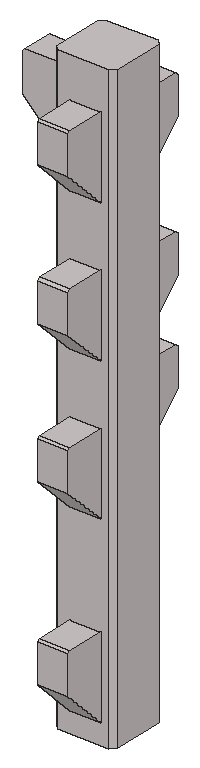
Revit family "M_Pré-moldado-Coluna retangular com mísulas de múltipla camada", category Pilares estruturais, Revit 2019
Family settings
  Exibir em vistas ocultas = Arestas ocultadas por outros membros
  Forma do corte = Não definido
  Material para o comportamento do modelo = Concreto pré-moldado
  Exportar sempre como geometria = Não
  Redução da viga na planta = Da caixa de vinculação
  Número OmniClass = 23.25.30.11.14.11
  Título OmniClass = Columns
  ID de item do Seek = Precast-Rectangular Column with Multi Layer Corbels-0000-CAN-ENU
  Corte com vazios quando carregada = Não
  Representação simbólica = Da família
  Compartilhado = Não
  Exibir o pré-corte da família na vista da planta = Não
Parameters (values of type "300x300-4 níveis")
  Números de mísulas a oeste 1 = if(Números de mísulas a oeste > 4, 4, Números de mísulas a oeste)  # 1
  Peso da vara de tirante [instance] = 30
  Vara de tirante W [instance] = (Peso da vara de tirante) * 9.80 kN / 1000  # 0.294 kN
  Structural Material [instance] = Concreto - Moldado in loco - 35 MPa
  Número da mísula ao sul 1 = if(Número da mísula ao sul > 4, 4, Número da mísula ao sul)  # 4
  Número da mísula ao sul = 4
  Tipo da mísula ao sul = Mísula inclinada : Mísula inclinada
  Peso do vergalhão simples [instance] = 50
  Vergalhão em W simples [instance] = (Peso do vergalhão simples * 9.80 kN) / 1000  # 0.49 kN
  Peso das grades de vergalhão [instance] = 100
  Grades de vergalhão W [instance] = (Peso das grades de vergalhão * 9.80 kN) / 1000  # 0.98 kN
  Número de mísulas ao norte 1 = if(Número de mísulas ao norte > 4, 4, Número de mísulas ao norte)  # 3
  Número de mísulas ao norte = 3
  Tipo da mísula ao norte = Mísula inclinada : Mísula inclinada
  Número de mísulas a leste 1 = if(Número de mísulas a leste > 4, 4, Número de mísulas a leste)  # 0
  Número de mísulas a leste = 0
  Tipo de mísula a leste = Mísula inclinada : Mísula inclinada
  Largura da mísula = ""
  Largura da mísula a oeste = 150 mm
  Largura da mísula ao sul = 150 mm
  Largura da mísula ao norte = 150 mm
  Largura da mísula a leste = 150 mm
  Mísula a oeste 4 = and(Números de mísulas a oeste 1 = 4, not(Números de mísulas a oeste 1 = 0))  # no
  Mísula a oeste 3 = and(or((Números de mísulas a oeste 1 = 3), (Números de mísulas a oeste 1 > 3)), not(Números de mísulas a oeste 1 = 0))  # no
  Mísula a oeste 2 = and(or((Números de mísulas a oeste 1 = 2), (Números de mísulas a oeste 1 > 2)), not(Números de mísulas a oeste 1 = 0))  # no
  Mísula a oeste 1 = and(or((Números de mísulas a oeste 1 = 1), (Números de mísulas a oeste 1 > 1)), not(Números de mísulas a oeste 1 = 0))  # yes
  Números de mísulas a oeste = 1
  Tipo de mísula a oeste = Mísula inclinada : Mísula inclinada
  Mísula ao sul 4 = and(Número da mísula ao sul 1 = 4, not(Número da mísula ao sul 1 = 0))  # yes
  Mísula ao sul 3 = and(or((Número da mísula ao sul 1 = 3), (Número da mísula ao sul 1 > 3)), not(Número da mísula ao sul 1 = 0))  # yes
  Mísula ao sul 2 = and(or((Número da mísula ao sul 1 = 2), (Número da mísula ao sul 1 > 2)), not(Número da mísula ao sul 1 = 0))  # yes
  Mísula ao sul 1 = and(or((Número da mísula ao sul 1 = 1), (Número da mísula ao sul 1 > 1)), not(Número da mísula ao sul 1 = 0))  # yes
  Mísula ao norte 4 = and(Número de mísulas ao norte 1 = 4, not(Número de mísulas ao norte 1 = 0))  # no
  Mísula ao norte 3 = and(or((Número de mísulas ao norte 1 = 3), (Número de mísulas ao norte 1 > 3)), not(Número de mísulas ao norte 1 = 0))  # yes
  Mísula ao norte 2 = and(or((Número de mísulas ao norte 1 = 2), (Número de mísulas ao norte 1 > 2)), not(Número de mísulas ao norte 1 = 0))  # yes
  Mísula ao norte 1 = and(or((Número de mísulas ao norte 1 = 1), (Número de mísulas ao norte 1 > 1)), not(Número de mísulas ao norte 1 = 0))  # yes
  Altura da mísula = ""
  Altura da mísula a oeste = 400 mm
  Altura da mísula ao sul = 400 mm
  Altura da mísula ao norte = 400 mm
  Altura da mísula a leste = 400 mm
  Mísula a leste 4 = and(Número de mísulas a leste 1 = 4, not(Número de mísulas a leste 1 = 0))  # no
  Mísula a leste 3 = and(or((Número de mísulas a leste 1 = 3), (Número de mísulas a leste 1 > 3)), not(Número de mísulas a leste 1 = 0))  # no
  Mísula a leste 2 = and(or((Número de mísulas a leste 1 = 2), (Número de mísulas a leste 1 > 2)), not(Número de mísulas a leste 1 = 0))  # no
  Mísula a leste 1 = and(or((Número de mísulas a leste 1 = 1), (Número de mísulas a leste 1 > 1)), not(Número de mísulas a leste 1 = 0))  # no
  Distância da mísula a partir do nível superior [instance] = ""
  Distância da mísula a oeste 1 [instance] = 100 mm
  Distância da mísula a oeste 2 [instance] = 700 mm
  Distância da mísula a oeste 3 [instance] = 1300 mm
  Distância da mísula a oeste 4 [instance] = 2100 mm
  Distância da mísula a leste 1 [instance] = 350 mm
  Distância da mísula a leste 2 [instance] = 950 mm
  Distância da mísula a leste 3 [instance] = 1750 mm
  Distância da mísula a leste 4 [instance] = 2450 mm
  Distância da mísula ao sul 1 [instance] = 200 mm
  Distância da mísula ao sul 2 [instance] = 900 mm
  Distância da mísula ao sul 3 [instance] = 1600 mm
  Distância da mísula ao sul 4 [instance] = 2500 mm
  Distância da mísula ao norte 1 [instance] = 250 mm
  Distância da mísula ao norte 2 [instance] = 950 mm
  Distância da mísula ao norte 3 [instance] = 1450 mm
  Distância da mísula ao norte 4 [instance] = 2350 mm
  Profundidade da mísula = ""
  Profundidade da mísula a oeste = 200 mm
  Profundidade da mísula ao sul = 200 mm
  Profundidade da mísula ao norte = 200 mm
  Profundidade da mísula a leste = 200 mm
  Deslocamento horizontal da mísula [instance] = ""
  Deslocamento da mísula a oeste [instance] = 60 mm
  Deslocamento da mísula ao sul [instance] = 60 mm
  Deslocamento da mísula ao norte [instance] = 60 mm
  Deslocamento da mísula a leste [instance] = 60 mm
  Chanfro da mísula [instance] = 10 mm
  Código de montagem = "B10"
  Chanfro = 25 mm
  b = 300 mm
  h = 300 mm
Types (9, lengths in mm): name | Números de mísulas a oeste 1 | Número da mísula ao sul 1 | Número da mísula ao sul | Tipo da mísula ao sul | Número de mísulas ao norte 1 | Número de mísulas ao norte | Tipo da mísula ao norte | Número de mísulas a leste 1 | Número de mísulas a leste | Tipo de mísula a leste | Mísula a oeste 4 | Mísula a oeste 3 | Mísula a oeste 2 | Mísula a oeste 1 | Números de mísulas a oeste | Tipo de mísula a oeste | Mísula ao sul 4 | Mísula ao sul 3 | Mísula ao sul 2 | Mísula ao sul 1 | Mísula ao norte 3 | Mísula ao norte 2 | Mísula a leste 2 | Mísula a leste 1 | Código de montagem | b | h
  (no name) | 1 | 4 | 4 | Mísula inclinada : Mísula inclinada | 3 | 3 | Mísula inclinada : Mísula inclinada | 0 | 0 | Mísula inclinada : Mísula inclinada | no | no | no | yes | 1 | Mísula inclinada : Mísula inclinada | yes | yes | yes | yes | yes | yes | no | no | "B10" | 300 | 300
  300x300-2 níveis | 0 | 2 | 2 | Mísula retangular : Mísula retangular | 1 | 1 | Mísula inclinada : Mísula inclinada | 2 | 2 | Mísula retangular : Mísula retangular | no | no | no | no | 0 | Mísula retangular : Mísula retangular | no | no | yes | yes | no | no | yes | yes | 0 | 300 | 300
  450x450-2 níveis | 2 | 0 | 0 | Mísula retangular : Mísula retangular | 2 | 2 | Mísula retangular : Mísula retangular | 0 | 0 | Mísula inclinada : Mísula inclinada | no | no | yes | yes | 2 | Mísula inclinada : Mísula inclinada | no | no | no | no | no | yes | no | no | "B10" | 450 | 450
  300x300-4 níveis | 1 | 4 | 4 | Mísula inclinada : Mísula inclinada | 3 | 3 | Mísula inclinada : Mísula inclinada | 0 | 0 | Mísula inclinada : Mísula inclinada | no | no | no | yes | 1 | Mísula inclinada : Mísula inclinada | yes | yes | yes | yes | yes | yes | no | no | "B10" | 300 | 300
  300x300-3 níveis | 3 | 0 | 0 | Mísula retangular : Mísula retangular | 2 | 2 | Mísula inclinada : Mísula inclinada | 0 | 0 | Mísula inclinada : Mísula inclinada | no | yes | yes | yes | 3 | Mísula retangular : Mísula retangular | no | no | no | no | no | yes | no | no | "B10" | 300 | 300
  450x450-4 níveis | 4 | 0 | 0 | Mísula retangular : Mísula retangular | 1 | 1 | Mísula retangular : Mísula retangular | 2 | 2 | Mísula inclinada : Mísula inclinada | yes | yes | yes | yes | 4 | Mísula inclinada : Mísula inclinada | no | no | no | no | no | no | yes | yes | "B10" | 450 | 450
  450x450-3 níveis | 0 | 3 | 3 | Mísula retangular : Mísula retangular | 1 | 1 | Mísula inclinada : Mísula inclinada | 2 | 2 | Mísula inclinada : Mísula inclinada | no | no | no | no | 0 | Mísula retangular : Mísula retangular | no | yes | yes | yes | no | no | yes | yes | "B10" | 450 | 450
  300x300-1 nível | 0 | 1 | 1 | Mísula inclinada : Mísula inclinada | 1 | 1 | Mísula inclinada : Mísula inclinada | 1 | 1 | Mísula inclinada : Mísula inclinada | no | no | no | no | 0 | Mísula retangular : Mísula retangular | no | no | no | yes | no | no | no | yes | "B10" | 300 | 300
  450x450-1 nível | 1 | 0 | 0 | Mísula retangular : Mísula retangular | 1 | 1 | Mísula retangular : Mísula retangular | 1 | 1 | Mísula inclinada : Mísula inclinada | no | no | no | yes | 1 | Mísula inclinada : Mísula inclinada | no | no | no | no | no | no | no | yes | "B10" | 450 | 450
Reference planes
  plane 1 "Centro (Frente/Trás)": y = 0
  plane 2: z = 0
  plane 3 "Centro (Esquerda/Direita)": x = 0
  plane 4: x = -150
  plane 5: x = 150
  plane 6: y = 150
  plane 7: y = -150
  plane 8: x = -125
  plane 9: y = -125
  plane 10: x = 125
  plane 11: y = 125
  plane 12 "preencher ref oeste": z = 2900
  plane 13 "preencher ref norte": z = 2750
  plane 14 "preencher ref sul": z = 2800
  plane 15 "preencher ref leste": z = 2650
  plane 16 "Oeste 1": z = 2300
  plane 17 "Leste 1": z = 2050
  plane 18 "Sul 1": z = 2100
  plane 19 "Norte 1": z = 2050
  plane 20 "Oeste 2": z = 1700
  plane 21 "Leste 2": z = 1250
  plane 22 "Sul 2": z = 1400
  plane 23 "Norte 2": z = 1550
  plane 24 "Oeste 3": z = 900
  plane 25 "Leste 3": z = 550
  plane 26 "Sul 3": z = 500
  plane 27 "Norte 3": z = 650
  plane 28: y = 65
  plane 29: x = 65
  plane 30: y = -65
  plane 31: x = -65
  plane 32: x = -125
  plane 33: y = -125
  plane 34: x = 125
  plane 35: y = 125
Forms (mm)
  Extrusion 1, solid, material "Concreto - Moldado in loco - 35 MPa" <- "Structural Material"
    sketch origin (0, 0, 0) x (1, 0, 0) y (0, 1, 0)
      loop
        line (-125, 150) -> (-150, 125) -> (-150, -125) -> (-125, -150) -> (125, -150) -> (150, -125) -> (150, 125) -> (125, 150) -> (-125, 150)
    from 0 to 3000
Dimensions and locks
  equal spacing: plane 4, plane 3 "Centro (Esquerda/Direita)", plane 5
  equal spacing: plane 7, plane 1 "Centro (Frente/Trás)", plane 6
  "h": plane 7 to plane 6
  "b": plane 4 to plane 5
  "Chanfro": plane 4 to plane 8
  "Chanfro": plane 10 to plane 5
  "Chanfro": plane 11 to plane 6
  "Chanfro": plane 7 to plane 9
  "Deslocamento da mísula a oeste": plane 11 to plane 28
  "Deslocamento da mísula ao sul": plane 8 to plane 31
  "Deslocamento da mísula a leste": plane 30 to plane 9
  "Deslocamento da mísula ao norte": plane 29 to plane 10
  "Distância da mísula a oeste 1": level to plane 12 "preencher ref oeste"
  "Distância da mísula a oeste 2": level to plane 16 "Oeste 1"
  "Distância da mísula a oeste 3": level to plane 20 "Oeste 2"
  "Distância da mísula a oeste 4": level to plane 24 "Oeste 3"
  "Distância da mísula a leste 1": level to plane 15 "preencher ref leste"
  "Distância da mísula a leste 2": level to plane 17 "Leste 1"
  "Distância da mísula a leste 3": level to plane 21 "Leste 2"
  "Distância da mísula a leste 4": level to plane 25 "Leste 3"
  "Distância da mísula ao sul 1": level to plane 14 "preencher ref sul"
  "Distância da mísula ao sul 2": level to plane 18 "Sul 1"
  "Distância da mísula ao sul 3": level to plane 22 "Sul 2"
  "Distância da mísula ao sul 4": level to plane 26 "Sul 3"
  "Distância da mísula ao norte 1": level to plane 13 "preencher ref norte"
  "Distância da mísula ao norte 2": level to plane 19 "Norte 1"
  "Distância da mísula ao norte 3": level to plane 23 "Norte 2"
  "Distância da mísula ao norte 4": level to plane 27 "Norte 3"
  aligned and locked: plane 6 to Extrusion 1 sketch curve
  aligned and locked: Extrusion 1 sketch curve to plane 7
  aligned and locked: Extrusion 1 sketch curve to plane 4
  aligned and locked: plane 5 to Extrusion 1 sketch curve
  aligned and locked: level to Extrusion 1
  aligned and locked: level to plane 2
  aligned and locked: Extrusion 1 to plane 2
  aligned and locked: nested 1 to plane 15 "preencher ref leste"
  aligned and locked: nested 4 to plane 12 "preencher ref oeste"
  aligned and locked: nested 2 to plane 13 "preencher ref norte"
  aligned and locked: nested 3 to plane 14 "preencher ref sul"
  aligned and locked: nested 5 to plane 17 "Leste 1"
  aligned and locked: nested 6 to plane 21 "Leste 2"
  aligned and locked: nested 7 to plane 25 "Leste 3"
  aligned and locked: nested 8 to plane 16 "Oeste 1"
  aligned and locked: nested 9 to plane 20 "Oeste 2"
  aligned and locked: nested 10 to plane 24 "Oeste 3"
  aligned and locked: nested 13 to plane 27 "Norte 3"
  aligned and locked: nested 12 to plane 23 "Norte 2"
  aligned and locked: nested 11 to plane 19 "Norte 1"
  aligned and locked: nested 16 to plane 26 "Sul 3"
  aligned and locked: nested 15 to plane 22 "Sul 2"
  aligned and locked: nested 14 to plane 18 "Sul 1"
  aligned and locked: plane 28 to nested 4
  aligned and locked: plane 28 to nested 8
  aligned and locked: plane 28 to nested 9
  aligned and locked: plane 28 to nested 10
  aligned and locked: plane 31 to nested 3
  aligned and locked: plane 31 to nested 14
  aligned and locked: plane 31 to nested 15
  aligned and locked: plane 31 to nested 16
  aligned and locked: plane 30 to nested 1
  aligned and locked: plane 30 to nested 5
  aligned and locked: plane 30 to nested 6
  aligned and locked: plane 30 to nested 7
  aligned and locked: nested 2 to plane 29
  aligned and locked: nested 11 to plane 29
  aligned and locked: nested 12 to plane 29
  aligned and locked: nested 13 to plane 29
  aligned and locked: plane 8 to plane 32
  aligned and locked: plane 33 to plane 9
  aligned and locked: plane 10 to plane 34
  aligned and locked: plane 35 to plane 11
Automatic sketch dimensions
  Extrusion 1 sketch curve to plane 8 = 0 mm  (x2)
  Extrusion 1 sketch curve to plane 10 = 0 mm  (x2)
  Extrusion 1 sketch curve to plane 9 = 0 mm  (x2)
  Extrusion 1 sketch curve to plane 11 = 0 mm  (x2)
Nested families
  nested 1: "Mísula inclinada" at (150, 10, 2650) x (0, 1, 0) z (1, 0, 0), Largura da mísula <- "Largura da mísula a leste", visible <- "Mísula a leste 1", type <- "Tipo de mísula a leste", Altura da mísula <- "Altura da mísula a leste", Profundidade da mísula <- "Profundidade da mísula a leste", type "Mísula inclinada"
    with TransChamfer 10 mm, Largura da mísula 150 mm, Altura da mísula 400 mm, Frente da mísula 200 mm, Profundidade da mísula 200 mm
  nested 2: "Mísula inclinada" at (-10, 150, 2750) x (-1, 0, 0) z (0, 1, 0), Largura da mísula <- "Largura da mísula ao norte", visible <- "Mísula ao norte 1", type <- "Tipo da mísula ao norte", Altura da mísula <- "Altura da mísula ao norte", Profundidade da mísula <- "Profundidade da mísula ao norte", type "Mísula inclinada"
    with TransChamfer 10 mm, Largura da mísula 150 mm, Altura da mísula 400 mm, Frente da mísula 200 mm, Profundidade da mísula 200 mm
  nested 3: "Mísula inclinada" at (10, -150, 2800) x (1, 0, 0) z (0, -1, 0), Largura da mísula <- "Largura da mísula ao sul", visible <- "Mísula ao sul 1", type <- "Tipo da mísula ao sul", Altura da mísula <- "Altura da mísula ao sul", Profundidade da mísula <- "Profundidade da mísula ao sul", type "Mísula inclinada"
    with TransChamfer 10 mm, Largura da mísula 150 mm, Altura da mísula 400 mm, Frente da mísula 200 mm, Profundidade da mísula 200 mm
  nested 4: "Mísula inclinada" at (-150, -10, 2900) x (0, -1, 0) z (-1, 0, 0), Largura da mísula <- "Largura da mísula a oeste", visible <- "Mísula a oeste 1", type <- "Tipo de mísula a oeste", Altura da mísula <- "Altura da mísula a oeste", Profundidade da mísula <- "Profundidade da mísula a oeste", type "Mísula inclinada"
    with TransChamfer 10 mm, Largura da mísula 150 mm, Altura da mísula 400 mm, Frente da mísula 200 mm, Profundidade da mísula 200 mm
  nested 5: "Mísula inclinada" at (150, 10, 2050) x (0, 1, 0) z (1, 0, 0), Largura da mísula <- "Largura da mísula a leste", visible <- "Mísula a leste 2", type <- "Tipo de mísula a leste", Altura da mísula <- "Altura da mísula a leste", Profundidade da mísula <- "Profundidade da mísula a leste", type "Mísula inclinada"
    with TransChamfer 10 mm, Largura da mísula 150 mm, Altura da mísula 400 mm, Frente da mísula 200 mm, Profundidade da mísula 200 mm
  nested 6: "Mísula inclinada" at (150, 10, 1250) x (0, 1, 0) z (1, 0, 0), Largura da mísula <- "Largura da mísula a leste", visible <- "Mísula a leste 3", type <- "Tipo de mísula a leste", Altura da mísula <- "Altura da mísula a leste", Profundidade da mísula <- "Profundidade da mísula a leste", type "Mísula inclinada"
    with TransChamfer 10 mm, Largura da mísula 150 mm, Altura da mísula 400 mm, Frente da mísula 200 mm, Profundidade da mísula 200 mm
  nested 7: "Mísula inclinada" at (150, 10, 550) x (0, 1, 0) z (1, 0, 0), Largura da mísula <- "Largura da mísula a leste", visible <- "Mísula a leste 4", type <- "Tipo de mísula a leste", Altura da mísula <- "Altura da mísula a leste", Profundidade da mísula <- "Profundidade da mísula a leste", type "Mísula inclinada"
    with TransChamfer 10 mm, Largura da mísula 150 mm, Altura da mísula 400 mm, Frente da mísula 200 mm, Profundidade da mísula 200 mm
  nested 8: "Mísula inclinada" at (-150, -10, 2300) x (0, -1, 0) z (-1, 0, 0), Largura da mísula <- "Largura da mísula a oeste", visible <- "Mísula a oeste 2", type <- "Tipo de mísula a oeste", Altura da mísula <- "Altura da mísula a oeste", Profundidade da mísula <- "Profundidade da mísula a oeste", type "Mísula inclinada"
    with TransChamfer 10 mm, Largura da mísula 150 mm, Altura da mísula 400 mm, Frente da mísula 200 mm, Profundidade da mísula 200 mm
  nested 9: "Mísula inclinada" at (-150, -10, 1700) x (0, -1, 0) z (-1, 0, 0), Largura da mísula <- "Largura da mísula a oeste", visible <- "Mísula a oeste 3", type <- "Tipo de mísula a oeste", Altura da mísula <- "Altura da mísula a oeste", Profundidade da mísula <- "Profundidade da mísula a oeste", type "Mísula inclinada"
    with TransChamfer 10 mm, Largura da mísula 150 mm, Altura da mísula 400 mm, Frente da mísula 200 mm, Profundidade da mísula 200 mm
  nested 10: "Mísula inclinada" at (-150, -10, 900) x (0, -1, 0) z (-1, 0, 0), Largura da mísula <- "Largura da mísula a oeste", visible <- "Mísula a oeste 4", type <- "Tipo de mísula a oeste", Altura da mísula <- "Altura da mísula a oeste", Profundidade da mísula <- "Profundidade da mísula a oeste", type "Mísula inclinada"
    with TransChamfer 10 mm, Largura da mísula 150 mm, Altura da mísula 400 mm, Frente da mísula 200 mm, Profundidade da mísula 200 mm
  nested 11: "Mísula inclinada" at (-10, 150, 2050) x (-1, 0, 0) z (0, 1, 0), Largura da mísula <- "Largura da mísula ao norte", visible <- "Mísula ao norte 2", type <- "Tipo da mísula ao norte", Altura da mísula <- "Altura da mísula ao norte", Profundidade da mísula <- "Profundidade da mísula ao norte", type "Mísula inclinada"
    with TransChamfer 10 mm, Largura da mísula 150 mm, Altura da mísula 400 mm, Frente da mísula 200 mm, Profundidade da mísula 200 mm
  nested 12: "Mísula inclinada" at (-10, 150, 1550) x (-1, 0, 0) z (0, 1, 0), Largura da mísula <- "Largura da mísula ao norte", visible <- "Mísula ao norte 3", type <- "Tipo da mísula ao norte", Altura da mísula <- "Altura da mísula ao norte", Profundidade da mísula <- "Profundidade da mísula ao norte", type "Mísula inclinada"
    with TransChamfer 10 mm, Largura da mísula 150 mm, Altura da mísula 400 mm, Frente da mísula 200 mm, Profundidade da mísula 200 mm
  nested 13: "Mísula inclinada" at (-10, 150, 650) x (-1, 0, 0) z (0, 1, 0), Largura da mísula <- "Largura da mísula ao norte", visible <- "Mísula ao norte 4", type <- "Tipo da mísula ao norte", Altura da mísula <- "Altura da mísula ao norte", Profundidade da mísula <- "Profundidade da mísula ao norte", type "Mísula inclinada"
    with TransChamfer 10 mm, Largura da mísula 150 mm, Altura da mísula 400 mm, Frente da mísula 200 mm, Profundidade da mísula 200 mm
  nested 14: "Mísula inclinada" at (10, -150, 2100) x (1, 0, 0) z (0, -1, 0), Largura da mísula <- "Largura da mísula ao sul", visible <- "Mísula ao sul 2", type <- "Tipo da mísula ao sul", Altura da mísula <- "Altura da mísula ao sul", Profundidade da mísula <- "Profundidade da mísula ao sul", type "Mísula inclinada"
    with TransChamfer 10 mm, Largura da mísula 150 mm, Altura da mísula 400 mm, Frente da mísula 200 mm, Profundidade da mísula 200 mm
  nested 15: "Mísula inclinada" at (10, -150, 1400) x (1, 0, 0) z (0, -1, 0), Largura da mísula <- "Largura da mísula ao sul", visible <- "Mísula ao sul 3", type <- "Tipo da mísula ao sul", Altura da mísula <- "Altura da mísula ao sul", Profundidade da mísula <- "Profundidade da mísula ao sul", type "Mísula inclinada"
    with TransChamfer 10 mm, Largura da mísula 150 mm, Altura da mísula 400 mm, Frente da mísula 200 mm, Profundidade da mísula 200 mm
  nested 16: "Mísula inclinada" at (10, -150, 500) x (1, 0, 0) z (0, -1, 0), Largura da mísula <- "Largura da mísula ao sul", visible <- "Mísula ao sul 4", type <- "Tipo da mísula ao sul", Altura da mísula <- "Altura da mísula ao sul", Profundidade da mísula <- "Profundidade da mísula ao sul", type "Mísula inclinada"
    with TransChamfer 10 mm, Largura da mísula 150 mm, Altura da mísula 400 mm, Frente da mísula 200 mm, Profundidade da mísula 200 mm
Definition of nested family "Mísula inclinada"
  Parameters
    TransChamfer [instance] = if(Chanfro = 0 mm, Profundidade da mísula / 2, Chanfro)  # 10 mm
    Material = none
    Default Elevation = 0 mm
    Largura da mísula [instance] = 304.8 mm
    Altura da mísula [instance] = 700 mm
    Frente da mísula [instance] = Altura da mísula - Profundidade da mísula  # 300 mm
    Profundidade da mísula [instance] = 400 mm
    Chanfro = 10 mm
    Assembly Code = ""
  Reference planes
    plane 1 "Centro (Frente/Trás)": y = 0
    plane 2: z = 0
    plane 3 "Centro (Esquerda/Direita)": x = 0
    plane 4: y = -700
    plane 5: y = -10
    plane 6: z = 400
    plane 7: z = 390
    plane 8 "Esquerda": x = -152.4
    plane 9 "Direita": x = 152.4
    plane 10: y = -300
  Forms (mm)
    Extrusion 1, solid
      sketch origin (0, 0, 0) x (1, 0, 0) y (0, 1, 0)
        loop
          line (-844.162, 1219.2) -> (-844.162, -1219.2) -> (762, -1219.2) -> (762, 1219.2) -> (-844.162, 1219.2)
      from 0 to -304.8
    Sweep 2, solid, material <- "Material"
      path origin (0, 0, 0) x (1, 0, 0) y (0, 1, 0)
        loop
          line (-152.4, 0) -> (152.4, 0)
      profile origin (0, 0, 0) x (0, 1, 0) y (0, 0, 1)
        loop
          line (0, 0) -> (0, 390) -> (-10, 400) -> (-300, 400) -> (-700, 0) -> (0, 0)
  Dimensions and locks
    "Profundidade da mísula": plane 6 to plane 2
    "TransChamfer": plane 6 to plane 7
    "Altura da mísula": plane 4 to plane 1 "Centro (Frente/Trás)"
    "Chanfro": plane 5 to plane 1 "Centro (Frente/Trás)"
    "Largura da mísula": plane 8 "Esquerda" to plane 9 "Direita"
    equal spacing: plane 8 "Esquerda", plane 3 "Centro (Esquerda/Direita)", plane 9 "Direita"
    "Frente da mísula": plane 10 to plane 1 "Centro (Frente/Trás)"
    aligned and locked: plane 2 to Extrusion 1
    aligned and locked: level to Extrusion 1
    aligned and locked: plane 1 "Centro (Frente/Trás)" to Sweep 2 sketch curve  (x2)
    aligned and locked: plane 2 to Sweep 2 sketch curve
    aligned and locked: plane 7 to Sweep 2 sketch curve
    aligned and locked: plane 8 "Esquerda" to Sweep 2 sketch curve
    aligned and locked: plane 9 "Direita" to Sweep 2 sketch curve
    aligned and locked: plane 4 to Sweep 2 sketch curve
    aligned and locked: Sweep 2 sketch curve to plane 6
    aligned and locked: plane 5 to Sweep 2 sketch curve
    aligned and locked: plane 10 to Sweep 2 sketch curve
  Automatic sketch dimensions
    Extrusion 1 sketch curve to Extrusion 1 sketch curve = 1606.162 mm
    Extrusion 1 sketch curve to Extrusion 1 sketch curve = 2438.4 mm
